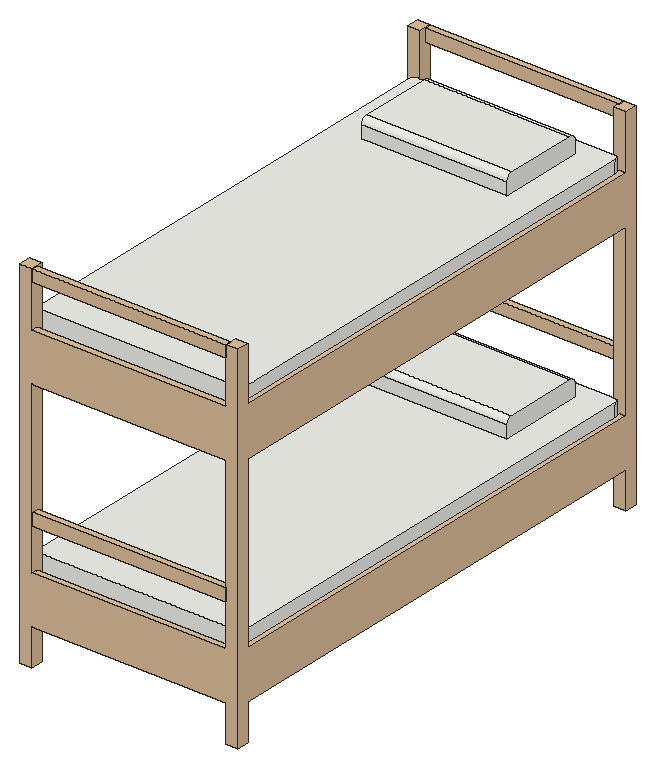
Revit family "5f26381e13134ac891c792b1eafdcd26", category Furniture, Revit 2021
Family settings
  OmniClass Number = 23.40.20.17.14.11
  OmniClass Title = Beds
  Seek Item ID = Bed-Bunk-0000-USA-ENU
  Work Plane-Based = No
  Always vertical = Yes
  Cut with Voids When Loaded = No
  Shared = No
  Room Calculation Point = No
Parameters (values of type "82" x 36"")
  Default Elevation = 0' - 0"
  Assembly Code = "E2020200"
  Frame Material = Birch
  Height = 4' - 11"
  Length = 6' - 10"
  Mattress Material = Linen, White
  Width = 3' - 0"
Reference planes (in)
  plane 1 "Center (Front/Back)": y = -15.39344
  plane 2: z = 0
  plane 3 "Center (Left/Right)": x = 16.08197
  plane 4: y = 25.60656
  plane 5: y = -56.39344
  plane 6: x = 34.08197
  plane 7: x = -1.91803
  plane 8: z = 14
  plane 9: z = 59
  plane 10: y = 20.60656
  plane 11: y = 6.60656
Forms (in)
  Extrusion 1, solid, material "Birch"
    sketch origin (0, 0, 0) x (1, 0, 0) y (0, 1, 0)
      loop
        line (-1.91803, 25.60656) -> (-1.91803, 23.60656) -> (0.08197, 23.60656) -> (0.08197, 25.60656) -> (-1.91803, 25.60656)
      loop
        line (34.08197, 25.60656) -> (32.08197, 25.60656) -> (32.08197, 23.60656) -> (34.08197, 23.60656) -> (34.08197, 25.60656)
      loop
        line (-1.91803, -56.39344) -> (0.08197, -56.39344) -> (0.08197, -54.39344) -> (-1.91803, -54.39344) -> (-1.91803, -56.39344)
      loop
        line (34.08197, -56.39344) -> (34.08197, -54.39344) -> (32.08197, -54.39344) -> (32.08197, -56.39344) -> (34.08197, -56.39344)
    from 0 to 59
  Extrusion 2, solid, material "Birch"
    sketch origin (0, 0, 0) x (1, 0, 0) y (0, 1, 0)
      loop
        line (-1.91803, 25.60656) -> (-1.91803, -56.39344) -> (34.08197, -56.39344) -> (34.08197, 25.60656) -> (-1.91803, 25.60656)
      loop
        line (-0.91803, 24.60656) -> (-0.91803, -55.39344) -> (33.08197, -55.39344) -> (33.08197, 24.60656) -> (-0.91803, 24.60656)
    from 6 to 14
  Extrusion 3, solid, material "Birch"
    sketch origin (0, 0, 0) x (1, 0, 0) y (0, 1, 0)
      loop
        line (-1.91803, 25.60656) -> (-1.91803, -56.39344) -> (34.08197, -56.39344) -> (34.08197, 25.60656) -> (-1.91803, 25.60656)
      loop
        line (-0.91803, -55.39344) -> (33.08197, -55.39344) -> (33.08197, 24.60656) -> (-0.91803, 24.60656) -> (-0.91803, -55.39344)
    from 42 to 50
  Extrusion 4, solid, material "Linen, White" <- "Mattress Material"
    sketch origin (0, 0, 0) x (1, 0, 0) y (0, 1, 0)
      loop
        arc (0.08197, 23.60656) -> (-0.62514, 23.31366) -> (-0.91803, 22.60656) r 1
        line (-0.91803, 22.60656) -> (-0.91803, -53.39344)
        arc (-0.91803, -53.39344) -> (-0.62514, -54.10055) -> (0.08197, -54.39344) r 1
        line (0.08197, -54.39344) -> (32.08197, -54.39344)
        arc (32.08197, -54.39344) -> (32.78907, -54.10055) -> (33.08197, -53.39344) r 1
        line (33.08197, -53.39344) -> (33.08197, 22.60656)
        arc (33.08197, 22.60656) -> (32.78907, 23.31366) -> (32.08197, 23.60656) r 1
        line (32.08197, 23.60656) -> (0.08197, 23.60656)
    from 8 to 16
  Extrusion 5, solid, material "Linen, White" <- "Mattress Material"
    sketch origin (0, 0, 50) x (1, 0, 0) y (0, 1, 0)
      loop
        arc (0.08197, 23.60656) -> (-0.62514, 23.31366) -> (-0.91803, 22.60656) r 1
        line (-0.91803, 22.60656) -> (-0.91803, -53.39344)
        arc (-0.91803, -53.39344) -> (-0.62514, -54.10055) -> (0.08197, -54.39344) r 1
        line (0.08197, -54.39344) -> (32.08197, -54.39344)
        arc (32.08197, -54.39344) -> (32.78907, -54.10055) -> (33.08197, -53.39344) r 1
        line (33.08197, -53.39344) -> (33.08197, 22.60656)
        arc (33.08197, 22.60656) -> (32.78907, 23.31366) -> (32.08197, 23.60656) r 1
        line (32.08197, 23.60656) -> (0.08197, 23.60656)
    from -6 to 2
  Extrusion 6, solid, material "Birch"
    sketch origin (0, 0, 59) x (1, 0, 0) y (0, 1, 0)
      loop
        line (0.08197, 25.60656) -> (0.08197, 24.60656) -> (32.08197, 24.60656) -> (32.08197, 25.60656) -> (0.08197, 25.60656)
      loop
        line (0.08197, -56.39344) -> (32.08197, -56.39344) -> (32.08197, -55.39344) -> (0.08197, -55.39344) -> (0.08197, -56.39344)
    from -2 to 0
  Extrusion 7, solid, material "Birch"
    sketch origin (0, 0, 14) x (0, -1, 0) y (1, 0, 0)
      loop
        line (56.39344, 0.08197) -> (56.39344, 32.08197) -> (55.39344, 32.08197) -> (55.39344, 0.08197) -> (56.39344, 0.08197)
      loop
        line (-25.60656, 0.08197) -> (-24.60656, 0.08197) -> (-24.60656, 32.08197) -> (-25.60656, 32.08197) -> (-25.60656, 0.08197)
    from 7 to 9
  Sweep 8, solid, material "Linen, White" <- "Mattress Material"
    path origin (0, 0, 0) x (1, 0, 0) y (0, 1, 0)
      loop
        line (4.08197, 20.60656) -> (28.08197, 20.60656)
    profile origin (16.08197, 0, 0) x (0, 1, 0) y (0, 0, 1)
      loop
        line (6.60656, 16) -> (20.60656, 16) -> (20.60656, 18)
        arc (20.60656, 18) -> (20.31366, 18.70711) -> (19.60656, 19) r 1
        line (19.60656, 19) -> (7.60656, 19)
        arc (7.60656, 19) -> (6.89945, 18.70711) -> (6.60656, 18) r 1
        line (6.60656, 18) -> (6.60656, 16)
      loop
        line (6.60656, 52) -> (20.60656, 52) -> (20.60656, 54)
        arc (20.60656, 54) -> (20.31366, 54.70711) -> (19.60656, 55) r 1
        line (19.60656, 55) -> (7.60656, 55)
        arc (7.60656, 55) -> (6.89945, 54.70711) -> (6.60656, 54) r 1
        line (6.60656, 54) -> (6.60656, 52)
Cuts and joins
  joined: Extrusion 1, Extrusion 2, Extrusion 3
Lines and regions (in)
  Masking region 1
    outline origin (0, 0, 0) x (1, 0, 0) y (0, 1, 0)
      loop
        line (-1.91803, 25.60656) -> (-1.91803, -56.39344) -> (34.08197, -56.39344) -> (34.08197, 25.60656) -> (-1.91803, 25.60656)
  symbolic lines
    curve 1: line (-1.91803, 25.60656, 0) -> (0.08197, 25.60656, 0)
    curve 2: line (-1.91803, 25.60656, 0) -> (-1.91803, 23.60656, 0)
    curve 3: line (-1.91803, 23.60656, 0) -> (0.08197, 23.60656, 0)
    curve 4: line (0.08197, 25.60656, 0) -> (0.08197, 23.60656, 0)
    curve 5: line (32.08197, 23.60656, 0) -> (34.08197, 23.60656, 0)
    curve 6: line (32.08197, 23.60656, 0) -> (32.08197, 25.60656, 0)
    curve 7: line (32.08197, 25.60656, 0) -> (34.08197, 25.60656, 0)
    curve 8: line (34.08197, 23.60656, 0) -> (34.08197, 25.60656, 0)
    curve 9: line (0.08197, -54.39344, 0) -> (-1.91803, -54.39344, 0)
    curve 10: line (0.08197, -54.39344, 0) -> (0.08197, -56.39344, 0)
    curve 11: line (0.08197, -56.39344, 0) -> (-1.91803, -56.39344, 0)
    curve 12: line (-1.91803, -54.39344, 0) -> (-1.91803, -56.39344, 0)
    curve 13: line (34.08197, -56.39344, 0) -> (32.08197, -56.39344, 0)
    curve 14: line (34.08197, -56.39344, 0) -> (34.08197, -54.39344, 0)
    curve 15: line (34.08197, -54.39344, 0) -> (32.08197, -54.39344, 0)
    curve 16: line (32.08197, -56.39344, 0) -> (32.08197, -54.39344, 0)
    curve 17: line (4.08197, 20.60656, 0) -> (28.08197, 20.60656, 0)
    curve 18: line (4.08197, 20.60656, 0) -> (4.08197, 6.60656, 0)
    curve 19: line (4.08197, 6.60656, 0) -> (28.08197, 6.60656, 0)
    curve 20: line (28.08197, 20.60656, 0) -> (28.08197, 6.60656, 0)
    curve 21: line (33.08197, 6.60656, 0) -> (-0.91803, -2.50372, 0)
    curve 22: line (-0.91803, 23.60656, 0) -> (33.08197, 23.60656, 0)
    curve 23: line (-0.91803, 23.60656, 0) -> (-0.91803, -54.39344, 0)
    curve 24: line (-0.91803, -54.39344, 0) -> (33.08197, -54.39344, 0)
    curve 25: line (33.08197, 23.60656, 0) -> (33.08197, -54.39344, 0)
Dimensions and locks (in)
  equal spacing: plane 7, plane 3 "Center (Left/Right)", plane 6
  equal spacing: plane 5, plane 1 "Center (Front/Back)", plane 4
  "Width": plane 7 to plane 6
  "Length": plane 5 to plane 4
  "Height": plane 2 to plane 9
  locked: Extrusion 5 to plane 9 at 7
  locked: Extrusion 3 to plane 9 at 9
  locked: Extrusion 3 to Extrusion 3 at 8
  locked: Extrusion 5 sketch curve to Extrusion 5 sketch curve at 1  (x2)
  locked: Extrusion 3 to curve 18 at 6
  locked: curve 20 to Extrusion 3 at 6
  locked: curve 19 to curve 17 at 14
  locked: Extrusion 5 to Sweep 8 sketch curve at 3
  aligned and locked: Extrusion 1 to plane 9
  aligned and locked: Sweep 8 sketch curve to curve 18
  aligned and locked: Sweep 8 sketch curve to curve 20
  aligned and locked: Sweep 8 sketch curve to curve 17
  aligned and locked: Masking region 1 sketch curve to plane 7
  aligned and locked: plane 6 to Masking region 1 sketch curve
  aligned and locked: Masking region 1 sketch curve to plane 5
  aligned and locked: plane 4 to Masking region 1 sketch curve
  aligned and locked: Extrusion 5 to Sweep 8 sketch curve
Automatic sketch dimensions
  Extrusion 1 sketch curve to plane 5 = 0' - 0"  (x2)
  Extrusion 1 sketch curve to plane 7 = 0' - 0"  (x2)
  Extrusion 1 sketch curve to plane 4 = 0' - 0"  (x2)
  Extrusion 1 sketch curve to plane 6 = 0' - 0"  (x2)
  Extrusion 1 sketch curve to plane 7 = 0' - 2"
  Extrusion 1 sketch curve to Extrusion 1 sketch curve = 0' - 2"  (x7)
  Extrusion 2 sketch curve to plane 4 = 0' - 0"
  Extrusion 2 sketch curve to plane 7 = 0' - 0"
  Extrusion 2 sketch curve to plane 5 = 0' - 0"
  Extrusion 2 sketch curve to plane 6 = 0' - 0"
  Extrusion 2 sketch curve to Extrusion 2 sketch curve = 0' - 1"  (x2)
  Extrusion 2 sketch curve to plane 5 = 0' - 1"
  plane 4 to Extrusion 2 sketch curve = 0' - 1"
  Extrusion 3 sketch curve to plane 4 = 0' - 0"
  Extrusion 3 sketch curve to plane 7 = 0' - 0"
  Extrusion 3 sketch curve to plane 5 = 0' - 0"
  Extrusion 3 sketch curve to plane 6 = 0' - 0"
  Extrusion 3 sketch curve to Extrusion 3 sketch curve = 0' - 1"  (x2)
  Extrusion 3 sketch curve to plane 5 = 0' - 1"
  plane 4 to Extrusion 3 sketch curve = 0' - 1"
  Extrusion 4 sketch curve to plane 7 = 0' - 1"
  Extrusion 4 sketch curve to Extrusion 4 sketch curve = 0' - 1"  (x3)
  plane 6 to Extrusion 4 sketch curve = 0' - 2"  (x2)
  Extrusion 4 sketch curve to plane 5 = 0' - 2"
  plane 4 to Extrusion 4 sketch curve = 0' - 3"
  Extrusion 5 sketch curve to plane 7 = 0' - 1"
  Extrusion 5 sketch curve to Extrusion 5 sketch curve = 0' - 1"  (x2)
  Extrusion 5 sketch curve to plane 5 = 0' - 2"
  plane 6 to Extrusion 5 sketch curve = 0' - 2"
  plane 6 to Extrusion 5 sketch curve = 0' - 1"
  plane 4 to Extrusion 5 sketch curve = 0' - 3"
  Extrusion 6 sketch curve to plane 5 = 0' - 0"
  Extrusion 6 sketch curve to plane 4 = 0' - 0"
  Extrusion 6 sketch curve to plane 7 = 0' - 2"  (x2)
  plane 6 to Extrusion 6 sketch curve = 0' - 2"  (x2)
  plane 4 to Extrusion 6 sketch curve = 0' - 1"
  Extrusion 6 sketch curve to Extrusion 6 sketch curve = 0' - 1"
  Extrusion 7 sketch curve to plane 4 = 0' - 0"
  Extrusion 7 sketch curve to plane 5 = 0' - 0"
  plane 4 to Extrusion 7 sketch curve = 0' - 1"
  Extrusion 7 sketch curve to Extrusion 7 sketch curve = 0' - 1"
  Extrusion 7 sketch curve to plane 7 = 0' - 2"  (x2)
  plane 6 to Extrusion 7 sketch curve = 0' - 2"  (x2)
  curve 11 to plane 5 = 0' - 0"
  curve 11 to plane 7 = 0' - 0"
  curve 1 to plane 4 = 0' - 0"
  curve 22 to plane 7 = 0' - 1"
  curve 1 to plane 7 = 0' - 2"
  curve 23 to curve 9 = 0' - 1"
  plane 6 to curve 13 = 0' - 2"
  curve 5 to curve 5 = 0' - 2"
  plane 6 to curve 21 = 0' - 1"
  curve 25 to plane 5 = 0' - 2"
  curve 9 to curve 23 = 0' - 0"
  plane 4 to curve 21 = 1' - 7"
  curve 21 to curve 19 = 0' - 9.11027"
  plane 4 to curve 20 = 0' - 5"
  plane 4 to curve 8 = 0' - 2"
  curve 4 to curve 1 = 0' - 2"
  curve 25 to curve 5 = 0' - 0"
  curve 14 to curve 24 = 0' - 0"
  Sweep 8 sketch curve to profile plane = 0' - 0"  (x2)
  profile plane to Sweep 8 sketch curve = 0' - 1"  (x2)
  Sweep 8 sketch curve to Sweep 8 sketch curve = 1' - 0"  (x2)
  Sweep 8 sketch curve to Sweep 8 sketch curve = 0' - 1"  (x2)
  level to Sweep 8 sketch curve = 1' - 4"
  Sweep 8 sketch curve to Sweep 8 sketch curve = 0' - 2"
  curve 1 to plane 7 = 0' - 0"
  curve 6 to plane 4 = 0' - 0"
  curve 15 to plane 6 = 0' - 0"
  curve 8 to plane 6 = 0' - 0"
  curve 13 to plane 5 = 0' - 0"
